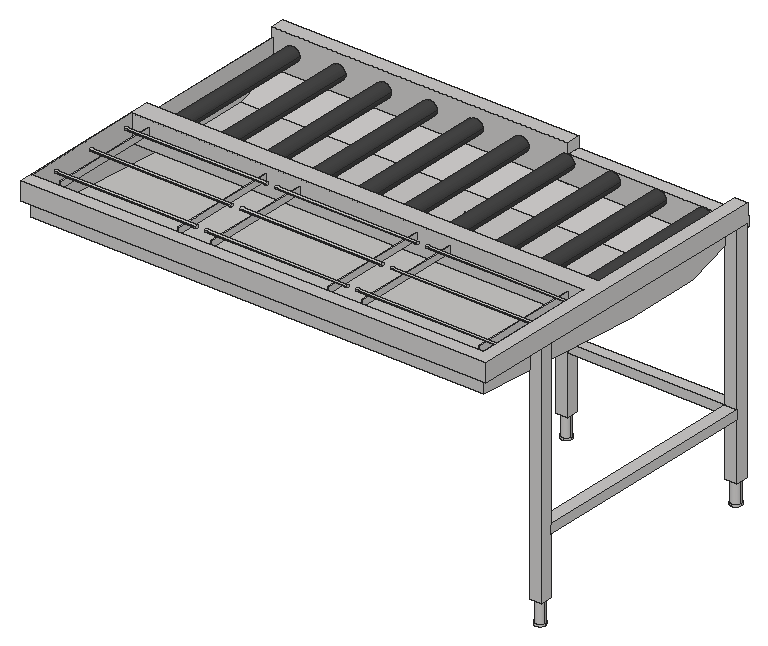
Revit family "QF_ELECTROLUXPROFESSIONAL_865293_HSMSF6LR", category Specialty Equipment, Revit 2018
Family settings
  Round Connector Dimension = Use Diameter
  Part Type = Normal
  Work Plane-Based = No
  Always vertical = Yes
  Cut with Voids When Loaded = No
  Shared = No
  Room Calculation Point = No
Parameters
  Weight = 0.00 kg
  Watts = 0 W
  Volts = 0 V
  URL Manufacturer = ""
  Steam Supply Size = 0 mm
  Steam Supply Minimum Pressure = 0.0 Pa
  Steam Supply Maximum Pressure = 0.0 Pa
  Steam Pounds per Hour = 0
  Refrigeration Suction Line Size = 0 mm
  Refrigeration Liquid Line Size = 0 mm
  Refrigerant Compressor Remote = yes
  Phase = 0
  Length Actual = 0 mm
  Item Number = ""
  Hot Water Size = 0 mm
  Height Actual = 0 mm
  HP = ""
  Gas Size = 0 mm
  Gas KW = 0
  Gas Input Pressure = 0 W
  Depth Actual = 0 mm
  Cycle = 0 Hz
  Condensate Return Size = 0 mm
  Compressed Air Volume = 0.0 L/s
  Compressed Air Size = 0 mm
  Compressed Air Pressure = 0.0 Pa
  Cold Water Size = 0 mm
  Accessory = yes
Reference planes
  plane 1: z = 0
  plane 2 "RIGHT": x = 300
  plane 3: z = 910
  plane 4: z = 0
  plane 5: z = 300
  plane 6 "BACK": y = 310
  plane 7 "FRONT": y = -800
  plane 8 "LEFT": x = -1276.3
  plane 9 "Center A": y = 0
  plane 10 "Center B": x = -10
Forms (mm)
  Extrusion 1, solid, material "QF_Finishes_Stainless Steel"
    sketch origin (0, 0, 0) x (-1, 0, 0) y (0, -1, 0)
      loop
        line (1276.3, 800) -> (-300, 800) -> (-300, -310) -> (-255, -310) -> (-255, 755) -> (1276.3, 755) -> (1276.3, 800)
      loop
        line (1276.3, -265) -> (275, -265) -> (275, -310) -> (1276.3, -310) -> (1276.3, -265)
    from 850.091 to 910
  Extrusion 2, solid, material "QF_Finishes_Stainless Steel"
    sketch origin (0, 0, 0) x (0, 1, 0) y (0, 0, -1)
      loop
        line (-756.248, -850.091) -> (-755, -850.091) -> (-755, -784.848) -> (-131.111, -741.138) -> (130.374, -741.138) -> (265, -784.879) -> (265, -850.091) -> (266.249, -850.091) -> (266.249, -782.13) -> (130.849, -738.138) -> (-131.216, -738.138) -> (-756.248, -781.928) -> (-756.248, -850.091)
    from -255 to 1275
  Revolve 3, solid, material "QF_Finishes_Stainless Steel"
    sketch origin (-510, 0.526, -123.199) x (-1, 0, 0) y (0, 0, -1)
      loop
        line (76.494, -861.337) -> (76.494, -847.59)
        arc (76.494, -847.59) -> (75.89, -845.987) -> (74.39, -845.16) r 2.474
        arc (74.39, -845.16) -> (71.083, -841.301) -> (74.377, -837.43) r 3.913
        arc (74.377, -837.43) -> (75.887, -836.598) -> (76.494, -834.985) r 2.49
        line (76.494, -834.985) -> (76.494, -794.661)
        arc (76.494, -794.661) -> (65.844, -763.962) -> (38.457, -746.476) r 49.516
        line (38.457, -746.476) -> (38.457, -743.987) -> (37.25, -742.336) -> (37.25, -740.749) -> (23.47, -734.749) -> (23.47, -698.838) -> (21.946, -697.377) -> (0, -697.377) -> (0, -861.337) -> (76.494, -861.337)
      axis (0, -861.337) -> (0, -697.377)
    angle from 0 to 360
  Extrusion 4, solid, material "QF_Finishes_Stainless Steel"
    sketch origin (0, 0, 0) x (-1, 0, 0) y (0, -1, 0)
      loop
        line (-255, 330.124) -> (-255, 265) -> (1275, 265) -> (1275, 330.124) -> (-255, 330.124)
    from 820 to 910
  Extrusion 5, solid, material "QF_Finishes_Stainless Steel"
    sketch origin (-1276.3, 310, 0) x (0, -1, 0) y (0, 0, 1)
      loop
        line (1066.248, 781.928) -> (1066.248, 910) -> (575, 910) -> (575, 875) -> (45, 875) -> (45, 850.091) -> (43.751, 850.091) -> (43.751, 782.13) -> (179.151, 738.138) -> (441.216, 738.138) -> (1066.248, 781.928)
    from 0 to -1.3
  Extrusion 6, solid, material "QF_Finishes_Stainless Steel"
    sketch origin (257, 0, 0) x (0, 1, 0) y (0, 0, 1)
      loop
        line (-756.248, 850.091) -> (-756.248, 781.928) -> (-131.216, 738.138) -> (130.849, 738.138) -> (266.249, 782.13) -> (266.249, 850.091) -> (-756.248, 850.091)
    from 0 to -2
  Extrusion 7, solid, material "QF_Finishes_Stainless Steel"
    sketch origin (-1026, 0.054, -599.081) x (1, 0, 0) y (0, 1, 0)
      loop
        line (1283, 266.195) -> (1283, -521.792) -> (1323, -521.792) -> (1323, 266.195) -> (1283, 266.195)
    from 869.081 to 899.081
  Extrusion 8, solid, material "QF_Finishes_Black"
    sketch origin (0, -2.5, 0) x (-1, 0, 0) y (0, 0, 1)
      loop
        circle (1207.529, 850.047) r 25
      loop
        circle (1052.523, 850.047) r 25
      loop
        circle (897.516, 850.047) r 25
      loop
        circle (742.51, 850.047) r 25
      loop
        circle (587.503, 850.047) r 25
      loop
        circle (432.497, 850.047) r 25
      loop
        circle (277.49, 850.047) r 25
      loop
        circle (122.484, 850.047) r 25
      loop
        circle (-32.523, 850.047) r 25
      loop
        circle (-187.529, 850.047) r 25
    from -262.5 to 267.5
  Extrusion 9, solid, material "QF_Finishes_Stainless Steel"
    sketch origin (0, -7.263, 2.863) x (-1, 0, 0) y (0, -1, 0)
      loop
        line (-200.029, 694.438) -> (-200.029, 322.861) -> (-196.981, 322.861) -> (-196.981, 694.438) -> (-200.029, 694.438)
      loop
        line (196.981, 694.438) -> (196.981, 322.861) -> (200.029, 322.861) -> (200.029, 694.438) -> (196.981, 694.438)
      loop
        line (1220.049, 694.438) -> (1217.001, 694.438) -> (1217.001, 322.861) -> (1220.049, 322.861) -> (1220.049, 694.438)
      loop
        line (823.039, 694.438) -> (819.991, 694.438) -> (819.991, 322.861) -> (823.039, 322.861) -> (823.039, 694.438)
      loop
        line (710.007, 694.438) -> (707.023, 694.438) -> (707.023, 322.861) -> (710.007, 322.861) -> (710.007, 694.438)
      loop
        line (312.997, 694.438) -> (310.013, 694.438) -> (310.013, 322.861) -> (312.997, 322.861) -> (312.997, 694.438)
    from 860 to 881.896
  Extrusion 10, solid, material "QF_Finishes_Stainless Steel"
    sketch origin (-2327.512, 265, 0) x (0, 1, 0) y (0, 0, 1)
      loop
        circle (-937.158, 888.745) r 3.985
      loop
        circle (-788.819, 888.745) r 3.985
      loop
        circle (-640.48, 888.745) r 3.985
    from 1067.5 to 1547.5
  Extrusion 11, solid, material "QF_Finishes_Stainless Steel"
    sketch origin (-1817.533, 265, 0) x (0, 1, 0) y (0, 0, 1)
      loop
        circle (-937.158, 888.745) r 3.985
      loop
        circle (-788.819, 888.745) r 3.985
      loop
        circle (-640.48, 888.745) r 3.985
    from 1067.5 to 1547.5
  Extrusion 12, solid, material "QF_Finishes_Stainless Steel"
    sketch origin (-1307.491, 265, 0) x (0, 1, 0) y (0, 0, 1)
      loop
        circle (-937.158, 888.745) r 3.985
      loop
        circle (-788.819, 888.745) r 3.985
      loop
        circle (-640.48, 888.745) r 3.985
    from 1067.5 to 1547.5
  Extrusion 13, solid, material "QF_Finishes_Stainless Steel"
    sketch origin (-62.5, 757.022, 0) x (-1, 0, 0) y (0, 0, 1)
      loop
        line (-362.5, 835) -> (-347.5, 820) -> (242.5, 820) -> (257.5, 835) -> (257.5, 850.091) -> (212.5, 850.091) -> (212.5, 875) -> (-317.5, 875) -> (-317.5, 850.091) -> (-362.5, 850.091) -> (-362.5, 835)
    from -450 to -447.022
  Extrusion 14, solid, material "QF_Finishes_Stainless Steel"
    sketch origin (-275, -2290.751, 0) x (0, 1, 0) y (0, 0, 1)
      loop
        line (2597.773, 875) -> (2557, 875) -> (2557, 872) -> (2597.773, 872) -> (2597.773, 875)
    from 0 to 530
  Extrusion 15, solid, material "QF_Finishes_Stainless Steel"
    sketch origin (-62.5, 713.272, 0) x (-1, 0, 0) y (0, 0, 1)
      loop
        line (-317.5, 850.091) -> (212.5, 850.091) -> (212.5, 875) -> (-317.5, 875) -> (-317.5, 850.091)
    from -448.272 to -447.022
  Extrusion 16, solid, material "QF_Finishes_Stainless Steel"
    sketch origin (-9.946, -1016, -599.081) x (0, 1, 0) y (-1, 0, 0)
      loop
        line (1282.249, -266.946) -> (1322.249, -266.946) -> (1322.249, 267.054) -> (1282.249, 267.054) -> (1282.249, -266.946)
    from 869.081 to 899.081
Cuts and joins
  joined: Extrusion 1, Extrusion 2, Revolve 3, Extrusion 4, Extrusion 5, Extrusion 6, Extrusion 9, Extrusion 10, Extrusion 11, Extrusion 12, Extrusion 13, Extrusion 14, Extrusion 15
Lines and regions (mm)
  Split face 1
    outline origin (-386.315, -0.079, 741.138) x (-1, 0, 0) y (0, -1, 0)
      loop
        circle (123.685, -0.035) r 73.783
  Split face 2
    outline origin (-386.315, -0.079, 741.138) x (-1, 0, 0) y (0, -1, 0)
      loop
        circle (123.685, -0.035) r 66.01
  Split face 3
    outline origin (-386.315, -0.079, 741.138) x (-1, 0, 0) y (0, -1, 0)
      loop
        circle (123.685, -0.035) r 53.774
  Split face 4
    outline origin (-386.315, -0.079, 741.138) x (-1, 0, 0) y (0, -1, 0)
      loop
        circle (123.685, -0.035) r 50.771
  Split face 5
    outline origin (-386.315, -0.079, 741.138) x (-1, 0, 0) y (0, -1, 0)
      loop
        circle (123.685, -0.035) r 33.793
  Split face 6
    outline origin (-386.315, -0.079, 741.138) x (-1, 0, 0) y (0, -1, 0)
      loop
        circle (123.685, -0.035) r 30.826
  Split face 7
    outline origin (-386.315, -0.079, 741.138) x (-1, 0, 0) y (0, -1, 0)
      loop
        circle (123.685, -0.035) r 13.843
  Split face 8
    outline origin (-386.315, -0.079, 741.138) x (-1, 0, 0) y (0, -1, 0)
      loop
        circle (123.685, -0.035) r 10.833
  symbolic lines
    curve 1: line (-1276.3, 310, 0) -> (300, 310, 0)
    curve 2: line (-1276.3, -800, 0) -> (-1276.3, 310, 0)
    curve 3: line (300, -800, 0) -> (-1276.3, -800, 0)
    curve 4: line (300, 310, 0) -> (300, -800, 0)
    curve 5: line (-1275, 265, 0) -> (255, 265, 0)
    curve 6: line (255, -755, 0) -> (-1275, -755, 0)
    curve 7: line (-1275, -265, 0) -> (255, -265, 0)
    curve 8: line (255, -330.124, 0) -> (-1275, -330.124, 0)
    curve 9: line (-1260.012, -371.495, 0) -> (-1260.012, -379.465, 0)
    curve 10: line (-1260.012, -379.465, 0) -> (-780.012, -379.465, 0)
    curve 11: line (-780.012, -379.465, 0) -> (-780.012, -371.495, 0)
    curve 12: line (-780.012, -371.495, 0) -> (-1260.012, -371.495, 0)
    curve 13: line (-1260.012, -519.834, 0) -> (-1260.012, -527.804, 0)
    curve 14: line (-1260.012, -527.804, 0) -> (-780.012, -527.804, 0)
    curve 15: line (-780.012, -527.804, 0) -> (-780.012, -519.834, 0)
    curve 16: line (-780.012, -519.834, 0) -> (-1260.012, -519.834, 0)
    curve 17: line (-1260.012, -668.173, 0) -> (-1260.012, -676.143, 0)
    curve 18: line (-1260.012, -676.143, 0) -> (-780.012, -676.143, 0)
    curve 19: line (-780.012, -676.143, 0) -> (-780.012, -668.173, 0)
    curve 20: line (-780.012, -668.173, 0) -> (-1260.012, -668.173, 0)
    curve 21: line (-1220.049, -330.124, 0) -> (-1220.049, -371.495, 0)
    curve 22: line (-1217.001, -330.124, 0) -> (-1217.001, -371.495, 0)
    curve 23: line (-1220.049, -379.465, 0) -> (-1220.049, -519.834, 0)
    curve 24: line (-1220.049, -701.7, 0) -> (-1220.049, -676.143, 0)
    curve 25: line (-1220.049, -701.7, 0) -> (-1217.001, -701.7, 0)
    curve 26: line (-1217.001, -701.7, 0) -> (-1217.001, -676.143, 0)
    curve 27: line (-1220.049, -668.173, 0) -> (-1220.049, -527.804, 0)
    curve 28: line (-1217.001, -527.804, 0) -> (-1217.001, -668.173, 0)
    curve 29: line (-1217.001, -519.834, 0) -> (-1217.001, -379.465, 0)
    curve 30: line (-823.039, -330.124, 0) -> (-823.039, -371.495, 0)
    curve 31: line (-819.992, -330.124, 0) -> (-819.992, -371.495, 0)
    curve 32: line (-823.039, -379.465, 0) -> (-823.039, -519.834, 0)
    curve 33: line (-823.039, -701.7, 0) -> (-823.039, -676.143, 0)
    curve 34: line (-823.039, -701.7, 0) -> (-819.992, -701.7, 0)
    curve 35: line (-819.992, -701.7, 0) -> (-819.992, -676.143, 0)
    curve 36: line (-823.039, -668.173, 0) -> (-823.039, -527.804, 0)
    curve 37: line (-819.992, -527.804, 0) -> (-819.992, -668.173, 0)
    curve 38: line (-819.992, -519.834, 0) -> (-819.992, -379.465, 0)
    curve 39: line (-750.033, -371.495, 0) -> (-750.033, -379.465, 0)
    curve 40: line (-750.033, -379.465, 0) -> (-270.033, -379.465, 0)
    curve 41: line (-270.033, -379.465, 0) -> (-270.033, -371.495, 0)
    curve 42: line (-270.033, -371.495, 0) -> (-750.033, -371.495, 0)
    curve 43: line (-750.033, -519.834, 0) -> (-750.033, -527.804, 0)
    curve 44: line (-750.033, -527.804, 0) -> (-270.033, -527.804, 0)
    curve 45: line (-270.033, -527.804, 0) -> (-270.033, -519.834, 0)
    curve 46: line (-270.033, -519.834, 0) -> (-750.033, -519.834, 0)
    curve 47: line (-750.033, -668.173, 0) -> (-750.033, -676.143, 0)
    curve 48: line (-750.033, -676.143, 0) -> (-270.033, -676.143, 0)
    curve 49: line (-270.033, -676.143, 0) -> (-270.033, -668.173, 0)
    curve 50: line (-270.033, -668.173, 0) -> (-750.033, -668.173, 0)
    curve 51: line (-710.071, -330.124, 0) -> (-710.071, -371.495, 0)
    curve 52: line (-707.023, -330.124, 0) -> (-707.023, -371.495, 0)
    curve 53: line (-710.071, -379.465, 0) -> (-710.071, -519.834, 0)
    curve 54: line (-710.071, -701.7, 0) -> (-710.071, -676.143, 0)
    curve 55: line (-710.071, -701.7, 0) -> (-707.023, -701.7, 0)
    curve 56: line (-707.023, -701.7, 0) -> (-707.023, -676.143, 0)
    curve 57: line (-710.071, -668.173, 0) -> (-710.071, -527.804, 0)
    curve 58: line (-707.023, -527.804, 0) -> (-707.023, -668.173, 0)
    curve 59: line (-707.023, -519.834, 0) -> (-707.023, -379.465, 0)
    curve 60: line (-313.061, -330.124, 0) -> (-313.061, -371.495, 0)
    curve 61: line (-310.013, -330.124, 0) -> (-310.013, -371.495, 0)
    curve 62: line (-313.061, -379.465, 0) -> (-313.061, -519.834, 0)
    curve 63: line (-313.061, -701.7, 0) -> (-313.061, -676.143, 0)
    curve 64: line (-313.061, -701.7, 0) -> (-310.013, -701.7, 0)
    curve 65: line (-310.013, -701.7, 0) -> (-310.013, -676.143, 0)
    curve 66: line (-313.061, -668.173, 0) -> (-313.061, -527.804, 0)
    curve 67: line (-310.013, -527.804, 0) -> (-310.013, -668.173, 0)
    curve 68: line (-310.013, -519.834, 0) -> (-310.013, -379.465, 0)
    curve 69: line (-239.991, -371.495, 0) -> (-239.991, -379.465, 0)
    curve 70: line (-239.991, -379.465, 0) -> (240.009, -379.465, 0)
    curve 71: line (240.009, -379.465, 0) -> (240.009, -371.495, 0)
    curve 72: line (240.009, -371.495, 0) -> (-239.991, -371.495, 0)
    curve 73: line (-239.991, -519.834, 0) -> (-239.991, -527.804, 0)
    curve 74: line (-239.991, -527.804, 0) -> (240.009, -527.804, 0)
    curve 75: line (240.009, -527.804, 0) -> (240.009, -519.834, 0)
    curve 76: line (240.009, -519.834, 0) -> (-239.991, -519.834, 0)
    curve 77: line (-239.991, -668.173, 0) -> (-239.991, -676.143, 0)
    curve 78: line (-239.991, -676.143, 0) -> (240.009, -676.143, 0)
    curve 79: line (240.009, -676.143, 0) -> (240.009, -668.173, 0)
    curve 80: line (240.009, -668.173, 0) -> (-239.991, -668.173, 0)
    curve 81: line (-200.029, -330.124, 0) -> (-200.029, -371.495, 0)
    curve 82: line (-196.981, -330.124, 0) -> (-196.981, -371.495, 0)
    curve 83: line (-200.029, -379.465, 0) -> (-200.029, -519.834, 0)
    curve 84: line (-200.029, -701.7, 0) -> (-200.029, -676.143, 0)
    curve 85: line (-200.029, -701.7, 0) -> (-196.981, -701.7, 0)
    curve 86: line (-196.981, -701.7, 0) -> (-196.981, -676.143, 0)
    curve 87: line (-200.029, -668.173, 0) -> (-200.029, -527.804, 0)
    curve 88: line (-196.981, -527.804, 0) -> (-196.981, -668.173, 0)
    curve 89: line (-196.981, -519.834, 0) -> (-196.981, -379.465, 0)
    curve 90: line (196.981, -330.124, 0) -> (196.981, -371.495, 0)
    curve 91: line (200.029, -330.124, 0) -> (200.029, -371.495, 0)
    curve 92: line (196.981, -379.465, 0) -> (196.981, -519.834, 0)
    curve 93: line (196.981, -701.7, 0) -> (196.981, -676.143, 0)
    curve 94: line (196.981, -701.7, 0) -> (200.029, -701.7, 0)
    curve 95: line (200.029, -701.7, 0) -> (200.029, -676.143, 0)
    curve 96: line (196.981, -668.173, 0) -> (196.981, -527.804, 0)
    curve 97: line (200.029, -527.804, 0) -> (200.029, -668.173, 0)
    curve 98: line (200.029, -519.834, 0) -> (200.029, -379.465, 0)
    curve 99: line (-1232.529, 265, 0) -> (-1232.529, -265, 0)
    curve 100: line (-1182.529, -265, 0) -> (-1182.529, 265, 0)
    curve 101: line (-1077.523, 265, 0) -> (-1077.523, -265, 0)
    curve 102: line (-1027.523, -265, 0) -> (-1027.523, 265, 0)
    curve 103: line (-922.516, 265, 0) -> (-922.516, -265, 0)
    curve 104: line (-872.516, -265, 0) -> (-872.516, 265, 0)
    curve 105: line (-767.51, 265, 0) -> (-767.51, -265, 0)
    curve 106: line (-717.51, -265, 0) -> (-717.51, 265, 0)
    curve 107: line (-612.503, 265, 0) -> (-612.503, -265, 0)
    curve 108: line (-562.503, -265, 0) -> (-562.503, 265, 0)
    curve 109: line (-457.497, 265, 0) -> (-457.497, -265, 0)
    curve 110: line (-407.497, -265, 0) -> (-407.497, 265, 0)
    curve 111: line (-302.49, 265, 0) -> (-302.49, -265, 0)
    curve 112: line (-252.49, -265, 0) -> (-252.49, 265, 0)
    curve 113: line (-147.484, 265, 0) -> (-147.484, -265, 0)
    curve 114: line (-97.484, -265, 0) -> (-97.484, 265, 0)
    curve 115: line (7.523, 265, 0) -> (7.523, -265, 0)
    curve 116: line (57.523, -265, 0) -> (57.523, 265, 0)
    curve 117: line (162.529, 265, 0) -> (162.529, -265, 0)
    curve 118: line (212.529, -265, 0) -> (212.529, 265, 0)
    curve 119: line (255, -755, 0) -> (255, -330.124, 0)
    curve 120: line (255, 310, 0) -> (255, -265, 0)
    curve 121: line (-275, 265, 0) -> (-275, 310, 0)
    curve 122: line (-10, 310, 0) -> (-10, 280, 0)
    curve 123: line (-1276.3, 0, 0) -> (-1246.3, 0, 0)
    curve 124: arc (-433.504, 0.526, 0) -> (-510, -75.97, 0) -> (-586.496, 0.526, 0) r 76.496
    curve 125: arc (-586.496, 0.526, 0) -> (-510, 77.021, 0) -> (-433.504, 0.526, 0) r 76.496
    curve 126: arc (-531.946, 0.526, 0) -> (-510, -21.421, 0) -> (-488.054, 0.526, 0) r 21.946
    curve 127: arc (-488.054, 0.526, 0) -> (-510, 22.472, 0) -> (-531.946, 0.526, 0) r 21.946
Dimensions and locks
  plane 3 to level = 910 mm
  plane 8 "LEFT" to plane 2 "RIGHT" = 1576.3 mm
  aligned and locked: level to plane 1
Nested families
  nested 1: "Foot_40x40" at (277, -541.738, 0) x (-1, 0, 0) z (0, 0, 1), type "Foot_40x40"
    with A 850.091 mm
  nested 2: "Foot_40x40" at (277, 286.249, 0) x (-1, 0, 0) z (0, 0, 1), type "Foot_40x40"
    with A 850.091 mm
  nested 3: "Foot_40x40" at (-297, 286.249, 0), type "Foot_40x40"
    with A 850.091 mm
Connectors
  piping at (-510, 0.526, 574.178), diameter 30
    settings: on cut or joined group of Extrusion 1, Extrusion 2, Revolve 3, Extrusion 4, Extrusion 5, Extrusion 6, Extrusion 9, Extrusion 10, Extrusion 11, Extrusion 12, Extrusion 13, Extrusion 14, Extrusion 15, index 1, connector inside diameter 609.6 mm, connector length 0 mm, flow factor 0, pipe flow 0.0 L/s, pressure drop 0.0 Pa, fitting loss kfactor 0, connector angle 0.00°, fixture units 0, engagement length 0 mm, angle of deflection 0.00°, flow configuration 1, flow direction 2, fitting loss method 0, system type 16, joint type 0, gender type 0, connector reference index -1, connector utility 0, adjustable connector no, is connector primary yes, connector description "Drain"
Definition of nested family "Foot_40x40"
  Parameters
    A [instance] = 850 mm
  Reference planes
    plane 1 "Centro (Fronte/Retro)": y = 0
    plane 2: z = 0
    plane 3 "Centro (Sinistra/Destra)": x = 0
    plane 4: z = 850
  Forms (mm)
    Extrusion 1, solid
      sketch origin (0, 0, 0) x (1, 0, 0) y (0, 1, 0)
        loop
          circle (0, 0) r 18
      from 0 to 5
    Extrusion 2, solid
      sketch origin (0, 0, 5) x (1, 0, 0) y (0, 1, 0)
        loop
          circle (0, 0) r 15
      from 0 to 70
    Extrusion 3, solid
      sketch origin (0, 0, 75) x (1, 0, 0) y (0, 1, 0)
        loop
          line (-20, 20) -> (-20, -20) -> (20, -20) -> (20, 20) -> (-20, 20)
      from 0 to 775
  Dimensions and locks
    "A": plane 4 to plane 2
    aligned and locked: level to plane 2
    aligned and locked: plane 4 to Extrusion 3
    aligned and locked: Extrusion 1 to level
  Automatic sketch dimensions
    plane 1 "Centro (Fronte/Retro)" to Extrusion 1 sketch curve = 0 mm
    Extrusion 1 sketch curve to plane 3 "Centro (Sinistra/Destra)" = 0 mm
    Extrusion 3 sketch curve to Extrusion 3 sketch curve = 40 mm  (x2)
    radius of Extrusion 1 sketch curve = 18 mm
    radius of Extrusion 2 sketch curve to Extrusion 1 = 3 mm
